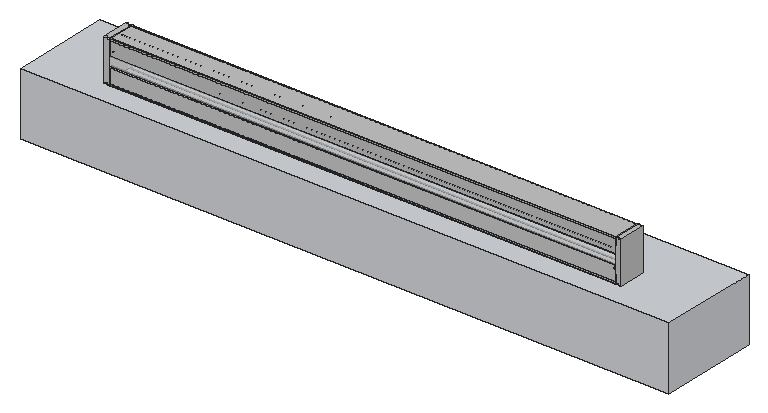
Revit family
Parameters (values of type "TWRWLED-B3-SL-90-10-750-80-35-VL-4-W-120")
  With Multiple Lamps = Length > 96.0000"  # no
  With Additional Lamp = or(Length = 72.0000", Length = 96.0000")  # no
  Wattage = 20.1963 W
  built-in parameter 1150110 = 1 (stored number, unit not read)
  Voltage = 120 V
  URL = "http://www.axislighting.com/CMS/itemsDetail_twigSL.php?263"
  built-in parameter 1114217 = 1 (stored number, unit not read)
  Tilt Angle = 0.00°
  built-in parameter 1150109 = 1 (stored number, unit not read)
  built-in parameter 1150134 = (empty or 0)
  built-in parameter 1150113 = 1 (stored number, unit not read)
  Shielding Length = Length  # 48.0000"
  Shielding Finish = Acrylic - Axis - VL Optic
  Product ID = "TWRWLED"
  Photometric Web File = "TWRWLED-B3-SL-90-10-750-80-35-VL-4-4-W-120-D-1.ies"
  Other = ""
  Number of Lamps = Length / 12.0000"  # 4
  Model = "Twig SurroundLite"
  Manufacturer = "Axis Lighting"
  built-in parameter 1150105 = 238.73 (stored number, unit not read)
  Lumens = 3000 lm
  built-in parameter 1150115 = 1 (stored number, unit not read)
  built-in parameter 1150137 = (empty or 0)
  built-in parameter 1150139 = (empty or 0)
  Length = 48.0000"
  Lamp Wattage = 29 VA
  built-in parameter 1150112 = 1 (stored number, unit not read)
  built-in parameter 1150114 = 1 (stored number, unit not read)
  Lamp Distance B = if(Length < 108.0000", Length / 4, Lamp Distance A)  # 12.0000"
  Lamp Distance A = if(Length < 60.0000", Length, if(Length < 84.0000", Length / 2, if(Length = 96.0000", Length / 2, if(Length < 144.0000", Length / 4, 48.0000"))))  # 48.0000"
  Lamp Configuration = if(Length > 108.0000", Length / 48.0000" - 1, 2)  # 2
  Lamp = "LED"
  Keynote = "16510"
  built-in parameter 1150132 = 2
  built-in parameter 1150102 = (empty or 0)
  built-in parameter 1150107 = 3500 (stored number, unit not read)
  built-in parameter 1150138 = (empty or 0)
  built-in parameter 1150106 = 2.3873 (stored number, unit not read)
  IC Controls = ""
  Housing Finish = Aluminum - Axis - Extruded
  Fixture Width = 4.0000"  # constant formula
  Fixture Length = if(Length > 36.0000", Shielding Length + (2 * End Cap Length), 37.3750")  # 49.0000"
  End Cap Length = if(Length > 36.0000", 0.5000", 0.6875")  # 0.5000"
  built-in parameter 1150104 = 13.8 (stored number, unit not read)
  Dimming Lamp Color Temperature Shift = (empty or 0)
  Description = "Wall Semi-Indirect"
  Default Elevation = 48.0000"
  Custom = ""
  Color Filter = 16777215
  Circuit = 1
  built-in parameter 1114218 = 1 (stored number, unit not read)
  built-in parameter 1150133 = 10 (stored number, unit not read)
  Assembly Code = "D5020210"
  Apparent Load = Lamp Wattage * Number of Lamps  # 116 VA
Types (4): name | With Multiple Lamps | With Additional Lamp | Wattage | Shielding Length | Number of Lamps | built-in parameter 1150105 | Lumens | Length | Lamp Wattage | Lamp Distance B | built-in parameter 1150106 | Fixture Length | Apparent Load
  (no name) | no | no | 20.1963 W | 48.0000" | 4 | 238.73 (stored number, unit not read) | 3000 lm | 48.0000" | 29 VA | 12.0000" | 2.3873 (stored number, unit not read) | 49.0000" | 116 VA
  TWRWLED-B3-SL-90-10-750-80-35-VL-4-W-120 | no | no | 20.1963 W | 48.0000" | 4 | 238.73 (stored number, unit not read) | 3000 lm | 48.0000" | 29 VA | 12.0000" | 2.3873 (stored number, unit not read) | 49.0000" | 116 VA
  TWRWLED-B3-SL-90-10-750-80-35-VL-8-W-120 | no | yes | 40.3926 W | 96.0000" | 8 | 477.46 (stored number, unit not read) | 6000 lm | 96.0000" | 29 VA | 24.0000" | 4.7746 (stored number, unit not read) | 97.0000" | 232 VA
  TWRWLED-B3-SL-90-10-750-80-35-VL-12-W-120 | yes | no | 60.5889 W | 144.0000" | 12 | 716.2 (stored number, unit not read) | 9000 lm | 144.0000" | 31 VA | 48.0000" | 7.162 (stored number, unit not read) | 145.0000" | 372 VA
Reference planes (in)
  plane 1 "Center (Front/Back)": y = 0
  plane 2: z = 0
  plane 3 "Center (Left/Right)": x = 0
  plane 4: x = -24.5
  plane 5: x = 24.5
  plane 6: x = -24
  plane 7: x = 24
  plane 8: x = 24
  plane 9: x = 0
  plane 10: x = 36
  plane 11: x = 30
  plane 12: x = 12
  plane 13: x = 18
  plane 14: x = -24
  plane 15: x = 0
  plane 16: x = 24
  plane 17: z = 4
  plane 18: z = 2
  plane 19: y = -2.5625
  plane 20: y = -1.282
Forms (in)
  Extrusion 1, solid
    sketch origin (0, 0, 0) x (1, 0, 0) y (0, 1, 0)
      loop
        line (-30.75, 4.70508) -> (-30.75, -4.70508) -> (30.75, -4.70508) -> (30.75, 4.70508) -> (-30.75, 4.70508)
    from 0 to -6
  Sweep 2, solid, material "Aluminum - Axis - Extruded" <- "Housing Finish"
    path origin (0, 0, 0) x (1, 0, 0) y (0, 1, 0)
      loop
        line (-24, 0) -> (-24.5, 0)
    profile "Twig-SurroundLite-Profile-Endcap : Twig-SurroundLite-Profile-Endcap" origin (-24.25, 0, 0) x (0, -1, 0) y (0, 0, 1)
      loop
        line (2.5625, 0.03125) -> (2.5625, 3.96875)
        arc (2.5625, 3.96875) -> (2.55335, 3.99085) -> (2.53125, 4) r 0.03125
        line (2.53125, 4) -> (0.032, 4)
        arc (0.032, 4) -> (0.00937, 3.99063) -> (0, 3.968) r 0.032
        line (0, 3.968) -> (0, 0.032)
        arc (0, 0.032) -> (0.00937, 0.00937) -> (0.032, 0) r 0.032
        line (0.032, 0) -> (2.53125, 0)
        arc (2.53125, 0) -> (2.55335, 0.00915) -> (2.5625, 0.03125) r 0.03125
  Sweep 3, solid, material "Aluminum - Axis - Extruded" <- "Housing Finish"
    path origin (0, 0, 0) x (-1, 0, 0) y (0, 1, 0)
      loop
        line (-24, 0) -> (-24.5, 0)
    profile "Twig-SurroundLite-Profile-Endcap : Twig-SurroundLite-Profile-Endcap" origin (24.25, 0, 0) x (0, 1, 0) y (0, 0, 1)
      loop
        arc (-2.5625, 0.03125) -> (-2.55335, 0.00915) -> (-2.53125, 0) r 0.03125
        line (-2.53125, 0) -> (-0.032, 0)
        arc (-0.032, 0) -> (-0.00937, 0.00937) -> (0, 0.032) r 0.032
        line (0, 0.032) -> (0, 3.968)
        arc (0, 3.968) -> (-0.00937, 3.99063) -> (-0.032, 4) r 0.032
        line (-0.032, 4) -> (-2.53125, 4)
        arc (-2.53125, 4) -> (-2.55335, 3.99085) -> (-2.5625, 3.96875) r 0.03125
        line (-2.5625, 3.96875) -> (-2.5625, 0.03125)
  Sweep 4, solid, material "Aluminum - Axis - Extruded" <- "Housing Finish"
    path origin (0, 0, 0) x (1, 0, 0) y (0, 1, 0)
      loop
        line (24, 0) -> (-24, 0)
    profile "Twig-SurroundLite-Profile-Housing : Twig-SurroundLite-Profile-Housing" origin (0, 0, 0) x (0, -1, 0) y (0, 0, 1)
      loop
        line (2.5625, 0.032) -> (2.5625, 0.175) -> (2.49306, 1.5) -> (2.43298, 1.5) -> (2.44498, 1.27105)
        arc (2.44498, 1.27105) -> (2.43951, 1.25623) -> (2.425, 1.25) r 0.02
        line (2.425, 1.25) -> (2.2715, 1.25)
        arc (2.2715, 1.25) -> (2.25736, 1.25586) -> (2.2515, 1.27) r 0.02
        line (2.2515, 1.27) -> (2.2515, 1.375) -> (2.1815, 1.375) -> (2.1815, 1.18) -> (2.43473, 1.18) -> (2.4875, 0.17304) -> (2.4875, 0.075) -> (1.0995, 0.075) -> (1.0995, 0.37256) -> (0.92021, 0.523) -> (0.415, 0.523) -> (0.415, 0.23) -> (0.232, 0.23) -> (0.232, 0.31876) -> (0.197, 0.32493) -> (0.197, 0.432) -> (0.157, 0.432) -> (0.157, 0.37999)
        arc (0.157, 0.37999) -> (0.11689, 0.34309) -> (0.102, 0.29067) r 0.10029
        line (0.102, 0.29067) -> (0.102, 0.075) -> (0, 0.075) -> (0, 0.03125)
        arc (0, 0.03125) -> (0.00915, 0.00915) -> (0.03125, 0) r 0.03125
        line (0.03125, 0) -> (2.5305, 0)
        arc (2.5305, 0) -> (2.55313, 0.00937) -> (2.5625, 0.032) r 0.032
      loop
        arc (2.5625, 3.968) -> (2.55313, 3.99063) -> (2.5305, 4) r 0.032
        line (2.5305, 4) -> (0.03125, 4)
        arc (0.03125, 4) -> (0.00915, 3.99085) -> (0, 3.96875) r 0.03125
        line (0, 3.96875) -> (0, 3.925) -> (0.102, 3.925) -> (0.102, 3.70933)
        arc (0.102, 3.70933) -> (0.11689, 3.65691) -> (0.157, 3.62001) r 0.10029
        line (0.157, 3.62001) -> (0.157, 3.568) -> (0.197, 3.568) -> (0.197, 3.67507) -> (0.232, 3.68124) -> (0.232, 3.77) -> (0.415, 3.77) -> (0.415, 3.477) -> (0.92021, 3.477) -> (1.0995, 3.62744) -> (1.0995, 3.925) -> (2.4875, 3.925) -> (2.4875, 3.82696) -> (2.43473, 2.82) -> (2.1815, 2.82) -> (2.1815, 2.625) -> (2.2515, 2.625) -> (2.2515, 2.73)
        arc (2.2515, 2.73) -> (2.25736, 2.74414) -> (2.2715, 2.75) r 0.02
        line (2.2715, 2.75) -> (2.425, 2.75)
        arc (2.425, 2.75) -> (2.43951, 2.74377) -> (2.44498, 2.72895) r 0.02
        line (2.44498, 2.72895) -> (2.43298, 2.5) -> (2.49306, 2.5) -> (2.5625, 3.825) -> (2.5625, 3.968)
  Sweep 5, solid, material "Acrylic - Axis - VL Optic" <- "Shielding Finish"
    path origin (0, 0, 0) x (1, 0, 0) y (0, 1, 0)
      loop
        line (24, 0) -> (-24, 0)
    profile "Twig-SurroundLite-Profile-Lens : Twig-SurroundLite-Profile-Lens" origin (0, 0, 0) x (0, -1, 0) y (0, 0, 1)
      loop
        line (2.4875, 2.485) -> (2.4265, 2.485) -> (2.43777, 2.7) -> (2.35766, 2.7) -> (2.3516, 2.58444)
        arc (2.3516, 2.58444) -> (2.36109, 2.51828) -> (2.38878, 2.45745) r 0.23548
        arc (2.38878, 2.45745) -> (2.40193, 2.42954) -> (2.4075, 2.39919) r 0.11965
        line (2.4075, 2.39919) -> (2.4075, 1.60081)
        arc (2.4075, 1.60081) -> (2.40193, 1.57046) -> (2.38878, 1.54255) r 0.11965
        arc (2.38878, 1.54255) -> (2.36109, 1.48172) -> (2.3516, 1.41556) r 0.23548
        line (2.3516, 1.41556) -> (2.35766, 1.3) -> (2.43777, 1.3) -> (2.4265, 1.515) -> (2.4875, 1.515) -> (2.4875, 2.485)
  Sweep 6, solid, material "Acrylic - Axis - VL Optic" <- "Shielding Finish"
    path origin (0, 0, 0) x (1, 0, 0) y (0, 1, 0)
      loop
        line (24, 0) -> (-24, 0)
    profile "Twig-SurroundLite-Profile-Lens-Indirect : Twig-SurroundLite-Profile-Lens-Indirect" origin (0, 0, 0) x (0, -1, 0) y (0, 0, 1)
      loop
        line (0.39009, 0.355) -> (0.39009, 3.645) -> (0.208, 3.645) -> (0.208, 0.355) -> (0.39009, 0.355)
Dimensions and locks (in)
  "End Cap Length": plane 4 to plane 6
  "End Cap Length": plane 7 to plane 5
  "Shielding Length": plane 6 to plane 7
  equal spacing: plane 6, plane 3 "Center (Left/Right)", plane 7
  "Lamp Distance A": plane 6 to plane 8
  equal spacing: plane 6, plane 9, plane 8
  "Lamp Distance B": plane 8 to plane 10
  equal spacing: plane 8, plane 11, plane 10
  "Lamp Distance B": plane 12 to plane 7
  equal spacing: plane 12, plane 13, plane 7
  "Lamp Distance A": plane 14 to plane 16
  equal spacing: plane 14, plane 15, plane 16
  "Fixture Width": plane 17 to plane 2
  equal spacing: plane 17, plane 18, plane 2
  locked: plane 1 "Center (Front/Back)" to plane 20 at 1.282
  group 1 to group 2 = 12.0000"
  group 1 to group 2 = 0.0000"  (x2)
  aligned and locked: plane 2 to Extrusion 1
  aligned and locked: level to Extrusion 1
  aligned and locked: Sweep 2 sketch curve to plane 1 "Center (Front/Back)"
  aligned and locked: plane 4 to Sweep 2 sketch curve
  aligned and locked: plane 6 to Sweep 2 sketch curve
  aligned and locked: plane 1 "Center (Front/Back)" to Sweep 3 sketch curve
  aligned and locked: plane 5 to Sweep 3 sketch curve
  aligned and locked: plane 7 to Sweep 3 sketch curve
  aligned and locked: Sweep 4 sketch curve to plane 1 "Center (Front/Back)"
  aligned and locked: plane 6 to Sweep 4 sketch curve
  aligned and locked: plane 7 to Sweep 4 sketch curve
  aligned and locked: Sweep 5 sketch curve to plane 1 "Center (Front/Back)"
  aligned and locked: plane 6 to Sweep 5 sketch curve
  aligned and locked: plane 7 to Sweep 5 sketch curve
  aligned and locked: Sweep 6 sketch curve to plane 1 "Center (Front/Back)"
  aligned and locked: plane 7 to Sweep 6 sketch curve
  aligned and locked: plane 6 to Sweep 6 sketch curve
  aligned and locked: plane 16 to plane 7
  aligned and locked: imposter light to plane 18
  aligned and locked: imposter light to plane 20
  aligned and locked: plane 9 to imposter light
  aligned and locked: plane 20 to nested 1
  aligned and locked: plane 18 to nested 1
  aligned and locked: plane 13 to nested 2
  aligned and locked: plane 11 to nested 3
  aligned and locked: plane 18 to nested 3
  aligned and locked: nested 1 to plane 15
  aligned and locked: plane 2 to nested 4
  aligned and locked: nested 4 to plane 3 "Center (Left/Right)"
Automatic sketch dimensions
  Extrusion 1 sketch curve to Extrusion 1 sketch curve = 61.5000"
  Extrusion 1 sketch curve to Extrusion 1 sketch curve = 9.41016"
Nested families (in)
  nested 1: "Twig-Wall-Surroundlite-Light" at (0, 0, 0), visible <- "With Additional Lamp", type "Light Additional"
  nested 2: "Twig-Wall-Surroundlite-Light" at (18, 0, 0), visible <- "With Multiple Lamps", type "Twig-Wall-Surroundlite-Light"
  nested 3: "Twig-Wall-Surroundlite-Light" at (30, 0, 0), visible <- "With Multiple Lamps", type "Twig-Wall-Surroundlite-Light"
  nested 4: "Lighting-Wall-Axis-Symbol" at (0, 0, 0.57422) x (-1, 0, 0) z (0, -1, 0), type "Lighting-Wall-Axis-Symbol"
Connectors (in)
  electrical at (-24.25, 0, 2), driven by "Voltage", driven by "Apparent Load"
    settings: on Sweep 2, index 1, voltage 120 V, apparent load 0 VA, apparent load phase1 116 VA, apparent load phase2 0 VA, apparent load phase3 0 VA, power factor 1, load classification "Lighting", number of poles 1, system type 31, power factor state 1, is connector primary yes, connector utility no, sub classification motor no, connector description "Power"
Definition of nested family "Twig-Wall-Surroundlite-Light"
  Parameters (values of type "Twig-Wall-Surroundlite-Light")
    Wattage = 9.2903 W
    built-in parameter 1150110 = 1 (stored number, unit not read)
    built-in parameter 1114217 = 1 (stored number, unit not read)
    Tilt Angle = 0.00°
    built-in parameter 1150109 = 1 (stored number, unit not read)
    built-in parameter 1150134 = (empty or 0)
    built-in parameter 1150113 = 1 (stored number, unit not read)
    Photometric Web File = "TWRWLED-B3-SL-90-10-750-80-35-VL-4-4-W-120-D-1.ies"
    built-in parameter 1150105 = 109.82 (stored number, unit not read)
    Lumens = 1380 lm
    built-in parameter 1150115 = 1 (stored number, unit not read)
    built-in parameter 1150137 = (empty or 0)
    built-in parameter 1150139 = (empty or 0)
    built-in parameter 1150112 = 1 (stored number, unit not read)
    built-in parameter 1150114 = 1 (stored number, unit not read)
    built-in parameter 1150132 = 2
    built-in parameter 1150102 = (empty or 0)
    built-in parameter 1150107 = 3500 (stored number, unit not read)
    built-in parameter 1150138 = (empty or 0)
    built-in parameter 1150106 = 1.0982 (stored number, unit not read)
    built-in parameter 1150104 = 13.8 (stored number, unit not read)
    Dimming Lamp Color Temperature Shift = (empty or 0)
    Default Elevation = 48.0000"
    Color Filter = 16777215
    built-in parameter 1114218 = 1 (stored number, unit not read)
    built-in parameter 1150133 = 10 (stored number, unit not read)
    Assembly Code = ""
  Reference planes (in)
    plane 1 "Center (Front/Back)": y = 0
    plane 2: z = 0
    plane 3 "Center (Left/Right)": x = 0
    plane 4: y = -1.282
    plane 5: z = 4
    plane 6: z = 2
  Forms (in)
    Extrusion 1, solid
      sketch origin (0, 0, 0) x (1, 0, 0) y (0, 1, 0)
        loop
          line (-48, 48) -> (-48, -48) -> (48, -48) -> (48, 48) -> (-48, 48)
      from 0 to -12
  Dimensions and locks (in)
    locked: plane 1 "Center (Front/Back)" to plane 4 at 1.282
    locked: plane 5 to level at 4
    equal spacing: plane 5, plane 6, level
    aligned and locked: plane 2 to Extrusion 1
    aligned and locked: level to Extrusion 1
    aligned and locked: imposter light to plane 6
    aligned and locked: imposter light to plane 4
    aligned and locked: plane 3 "Center (Left/Right)" to imposter light
  Automatic sketch dimensions
    Extrusion 1 sketch curve to Extrusion 1 sketch curve = 96.0000"  (x2)
Definition of nested family "Lighting-Wall-Axis-Symbol"
  Parameters (values of type "Lighting-Wall-Axis-Symbol")
    Width = 4.0000"
    Length = 49.2500"
    Assembly Code = ""
  Reference planes (in)
    plane 1 "Center (Front/Back)": y = 0
    plane 2: z = 0
    plane 3 "Center (Left/Right)": x = 0
    plane 4: x = -2
    plane 5: x = 2
    plane 6: y = 2.07422
    plane 7: y = 0.57422
    plane 8: y = -1.42578
  Lines and regions (in)
    Masking region 1, in view "Ref. Level"
      outline origin (0, -1.42578, 0) x (1, 0, 0) y (0, 1, 0)
        loop
          line (-24.625, -4) -> (24.625, -4) -> (24.625, 0) -> (-24.625, 0) -> (-24.625, -4)
    detail lines, style "Wall-Mounted Lights", in view "Ref. Level"
      curve 1: line (-2, 0.57422, 0) -> (2, 0.57422, 0)
      curve 5: line (-24.625, -1.42578, 0) -> (24.625, -1.42578, 0)
      curve 6: line (0, -1.42578, 0) -> (0, 0.57422, 0)
    detail lines, style "Wall-Mounted Lights", in view "Ref. Level", detail levels coarse+medium
      curve 2: line (-24.625, -5.42578, 0) -> (-24.625, -1.42578, 0)
      curve 3: line (24.625, -5.42578, 0) -> (-24.625, -5.42578, 0)
      curve 4: line (24.625, -1.42578, 0) -> (24.625, -5.42578, 0)
  Dimensions and locks (in)
    "Length": curve 2 to curve 4
    equal spacing: curve 2, plane 3 "Center (Left/Right)", curve 4
    plane 4 to plane 3 "Center (Left/Right)" to plane 5 = 2.0000" locked, 2.0000" locked
    "Width": curve 5 to curve 3
    locked: curve 5 to plane 1 "Center (Front/Back)" at 1.42578
    locked: plane 1 "Center (Front/Back)" to plane 7 at 0.57422
    aligned and locked: plane 3 "Center (Left/Right)" to curve 6
    aligned and locked: Masking region 1 sketch curve to curve 3
    aligned and locked: Masking region 1 sketch curve to curve 2
    aligned and locked: Masking region 1 sketch curve to curve 5
    aligned and locked: Masking region 1 sketch curve to curve 4
    aligned and locked: plane 7 to curve 1
  Automatic sketch dimensions
    plane 3 "Center (Left/Right)" to curve 1 = 2.0000"
    curve 1 to plane 3 "Center (Left/Right)" = 2.0000"
